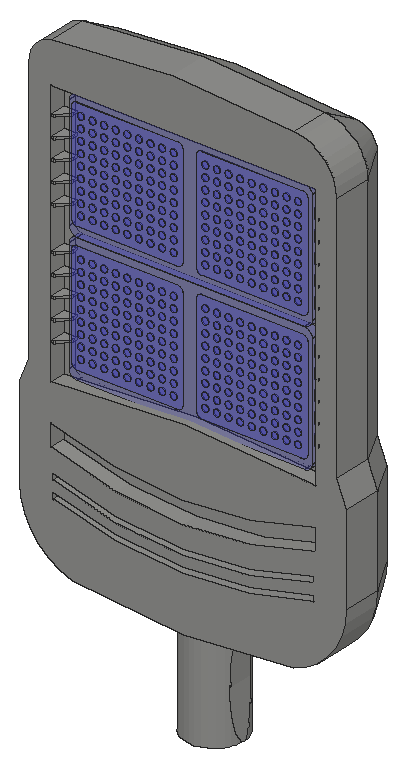
Revit family "VP-2-MAF", category Lighting Fixtures, host Face, Revit 2019 (continued)
Definition of nested family "SIZE2-MAF"
  Automatic sketch dimensions
    Extrusion 23 sketch curve to plane 8 = 0.46661"
    Extrusion 23 sketch curve to Extrusion 23 sketch curve = 0.02618"
    Extrusion 23 sketch curve to Extrusion 23 sketch curve = 0.1119"
    Extrusion 23 sketch curve to plane 8 = 0.03691"
    Extrusion 23 sketch curve to Extrusion 23 sketch curve = 0.36056"
    Extrusion 23 sketch curve to plane 8 = 0.00781"
    Extrusion 23 sketch curve to Extrusion 23 sketch curve = 0.06241"
    Extrusion 23 sketch curve to Extrusion 23 sketch curve = 0.47992"
    Extrusion 23 sketch curve to Extrusion 23 sketch curve = 0.20146"
    Extrusion 24 sketch curve to plane 4 = 1.71682"
    Extrusion 24 sketch curve to plane 8 = 0.46661"
    Extrusion 24 sketch curve to Extrusion 24 sketch curve = 0.02618"
    Extrusion 24 sketch curve to Extrusion 24 sketch curve = 0.1119"
    Extrusion 24 sketch curve to plane 8 = 0.03691"
    Extrusion 24 sketch curve to Extrusion 24 sketch curve = 0.36056"
    Extrusion 24 sketch curve to plane 8 = 0.00781"
    Extrusion 24 sketch curve to Extrusion 24 sketch curve = 0.06241"
    Extrusion 24 sketch curve to Extrusion 24 sketch curve = 0.47992"
    Extrusion 24 sketch curve to Extrusion 24 sketch curve = 0.20146"
    Extrusion 25 sketch curve to plane 4 = 1.71682"
    Extrusion 25 sketch curve to plane 8 = 0.46661"
    Extrusion 25 sketch curve to Extrusion 25 sketch curve = 0.02618"
    Extrusion 25 sketch curve to Extrusion 25 sketch curve = 0.1119"
    Extrusion 25 sketch curve to plane 8 = 0.03691"
    Extrusion 25 sketch curve to Extrusion 25 sketch curve = 0.36056"
    Extrusion 25 sketch curve to plane 8 = 0.00781"
    Extrusion 25 sketch curve to Extrusion 25 sketch curve = 0.06241"
    Extrusion 25 sketch curve to Extrusion 25 sketch curve = 0.47992"
    Extrusion 25 sketch curve to Extrusion 25 sketch curve = 0.20146"
    Extrusion 26 sketch curve to plane 5 = 1.84182"
    plane 8 to Extrusion 26 sketch curve = 0.46661"
    Extrusion 26 sketch curve to Extrusion 26 sketch curve = 0.02618"
    Extrusion 26 sketch curve to Extrusion 26 sketch curve = 0.1119"
    plane 8 to Extrusion 26 sketch curve = 0.03691"
    Extrusion 26 sketch curve to Extrusion 26 sketch curve = 0.36056"
    plane 8 to Extrusion 26 sketch curve = 0.00781"
    Extrusion 26 sketch curve to Extrusion 26 sketch curve = 0.06241"
    Extrusion 26 sketch curve to Extrusion 26 sketch curve = 0.47992"
    Extrusion 26 sketch curve to Extrusion 26 sketch curve = 0.20146"
    plane 5 to Extrusion 27 sketch curve = 1.84182"
    Extrusion 27 sketch curve to plane 8 = 0.46661"
    Extrusion 27 sketch curve to Extrusion 27 sketch curve = 0.02618"
    Extrusion 27 sketch curve to Extrusion 27 sketch curve = 0.1119"
    Extrusion 27 sketch curve to plane 8 = 0.03691"
    Extrusion 27 sketch curve to Extrusion 27 sketch curve = 0.36056"
    Extrusion 27 sketch curve to plane 8 = 0.00781"
    Extrusion 27 sketch curve to Extrusion 27 sketch curve = 0.06241"
    Extrusion 27 sketch curve to Extrusion 27 sketch curve = 0.47992"
    Extrusion 27 sketch curve to Extrusion 27 sketch curve = 0.20146"
    plane 5 to Extrusion 28 sketch curve = 1.84182"
    Extrusion 28 sketch curve to plane 8 = 0.46661"
    Extrusion 28 sketch curve to Extrusion 28 sketch curve = 0.02618"
    Extrusion 28 sketch curve to Extrusion 28 sketch curve = 0.1119"
    Extrusion 28 sketch curve to plane 8 = 0.03691"
    Extrusion 28 sketch curve to Extrusion 28 sketch curve = 0.36056"
    Extrusion 28 sketch curve to plane 8 = 0.00781"
    Extrusion 28 sketch curve to Extrusion 28 sketch curve = 0.06241"
    Extrusion 28 sketch curve to Extrusion 28 sketch curve = 0.47992"
    Extrusion 28 sketch curve to Extrusion 28 sketch curve = 0.20146"
    plane 5 to Extrusion 29 sketch curve = 1.84182"
    Extrusion 29 sketch curve to plane 8 = 0.46661"
    Extrusion 29 sketch curve to Extrusion 29 sketch curve = 0.02618"
    Extrusion 29 sketch curve to Extrusion 29 sketch curve = 0.1119"
    Extrusion 29 sketch curve to plane 8 = 0.03691"
    Extrusion 29 sketch curve to Extrusion 29 sketch curve = 0.36056"
    Extrusion 29 sketch curve to plane 8 = 0.00781"
    Extrusion 29 sketch curve to Extrusion 29 sketch curve = 0.06241"
    Extrusion 29 sketch curve to Extrusion 29 sketch curve = 0.47992"
    Extrusion 29 sketch curve to Extrusion 29 sketch curve = 0.20146"
    plane 5 to Extrusion 30 sketch curve = 1.84182"
    Extrusion 30 sketch curve to plane 8 = 0.46661"
    Extrusion 30 sketch curve to Extrusion 30 sketch curve = 0.02618"
    Extrusion 30 sketch curve to Extrusion 30 sketch curve = 0.1119"
    Extrusion 30 sketch curve to plane 8 = 0.03691"
    Extrusion 30 sketch curve to Extrusion 30 sketch curve = 0.36056"
    Extrusion 30 sketch curve to plane 8 = 0.00781"
    Extrusion 30 sketch curve to Extrusion 30 sketch curve = 0.06241"
    Extrusion 30 sketch curve to Extrusion 30 sketch curve = 0.47992"
    Extrusion 30 sketch curve to Extrusion 30 sketch curve = 0.20146"
    plane 5 to Extrusion 31 sketch curve = 1.77513"
    Extrusion 31 sketch curve to Extrusion 31 sketch curve = 0.35"  (x3)
    Extrusion 31 sketch curve to plane 4 = 2.07197"  (x2)
    plane 6 to Extrusion 31 sketch curve = 7.81182"
    Extrusion 31 sketch curve to Extrusion 31 sketch curve = 5.05"
    plane 5 to Extrusion 32 sketch curve = 2.33171"
    Extrusion 32 sketch curve to Extrusion 32 sketch curve = 0.00"  (x61)
    Extrusion 32 sketch curve to Extrusion 32 sketch curve = 0.51875"  (x27)
    plane 6 to Extrusion 32 sketch curve = 8.73694"
    Extrusion 32 sketch curve to Extrusion 32 sketch curve = 0.50"  (x72)
    plane 4 to Extrusion 33 sketch curve = 2.33171"
    Extrusion 33 sketch curve to Extrusion 33 sketch curve = 0.00"  (x61)
    Extrusion 33 sketch curve to Extrusion 33 sketch curve = 0.51875"  (x27)
    Extrusion 33 sketch curve to plane 6 = 8.73694"
    Extrusion 33 sketch curve to Extrusion 33 sketch curve = 0.50"  (x72)
    plane 5 to Extrusion 34 sketch curve = 1.89345"
    Extrusion 34 sketch curve to Extrusion 34 sketch curve = 0.25"  (x3)
    Extrusion 34 sketch curve to plane 3 "Center (Left/Right)" = 0.54655"  (x2)
    plane 6 to Extrusion 34 sketch curve = 8.2409"
    Extrusion 34 sketch curve to Extrusion 34 sketch curve = 4.50"
    plane 4 to Extrusion 35 sketch curve = 1.89345"
    Extrusion 35 sketch curve to Extrusion 35 sketch curve = 0.25"  (x3)
    Extrusion 35 sketch curve to plane 3 "Center (Left/Right)" = 0.54655"  (x2)
    Extrusion 35 sketch curve to plane 6 = 8.2409"
    Extrusion 35 sketch curve to Extrusion 35 sketch curve = 4.50"
    plane 1 "Center (Front/Back)" to Extrusion 36 sketch curve = 0.00"
    Extrusion 36 sketch curve to plane 3 "Center (Left/Right)" = 0.00"
    level to Extrusion 37 sketch curve = 2.31764"  (x2)
    Extrusion 37 sketch curve to plane 5 = 14.21175"
    Extrusion 37 sketch curve to plane 3 "Center (Left/Right)" = 1.37217"
    plane 3 "Center (Left/Right)" to Extrusion 37 sketch curve = 1.40089"
    plane 4 to Extrusion 37 sketch curve = 14.21013"
    Extrusion 37 sketch curve to level = 0.76382"
    Extrusion 37 sketch curve to level = 0.57109"
    radius of Extrusion 7 sketch curve = 0.15"  (x81)
    radius of Extrusion 8 sketch curve = 0.15"  (x81)
    radius of Extrusion 32 sketch curve = 0.15"  (x81)
    radius of Extrusion 33 sketch curve = 0.15"  (x81)
    radius of Extrusion 36 sketch curve = 1.30"
